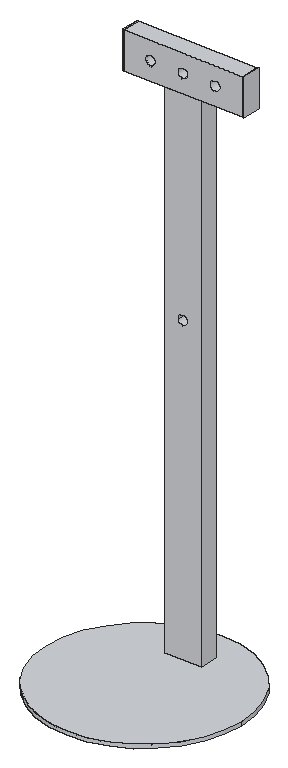
Revit family "AX9491_0010", category Modèles génériques, Revit 2016
Family settings
  Hôte = Sol
  Type d'élément = Normal
  Peut héberger une armature = Non
  Cote de connecteur circulaire = Utiliser le diamètre
  Basée sur le plan de construction = Non
  Toujours verticalement = Oui
  Couper avec des vides une fois chargée = Non
  Partagée = Non
  Point de calcul de pièce = Non
Parameters
  URL = "https://www.axeuro.com/fr/pieds-pour-distributeurs-de-savon/26118-petit-pied-pour-comptoir-ax9491-3700926008629.html"
  Type de produit / Type of product = "Pied pour distributeur / Stand for dispenser"  # constant formula
  Référence / Reference = "AX9491"  # constant formula
  Entreprise / Company = "Axeuro"  # constant formula
Reference planes
  plane 1 "Centre (avant/arrière)": y = 0
  plane 2: z = 0
  plane 3 "Centre (gauche/droite)": x = 0
Forms (mm)
  Extrusion 1, solid
    sketch origin (162.428, -49.928, 0) x (1, 0, 0) y (0, 1, 0)
      loop
        circle (-162.428, 49.928) r 80
    from 0 to 3
  Extrusion 2, solid
    sketch origin (-108.218, 55, 0) x (1, 0, 0) y (0, 0, 1)
      loop
        line (93.218, 420.247) -> (93.218, 3) -> (123.218, 3) -> (123.218, 420.247) -> (93.218, 420.247)
      loop
        circle (108.218, 253.247) r 4
    from 0 to 15
  Extrusion 3, solid
    sketch origin (-53, 55, 543.465) x (0, 0, -1) y (1, 0, 0)
      loop
        line (93.218, 101.981) -> (93.218, 4.019) -> (123.218, 4.019) -> (123.218, 101.981) -> (93.218, 101.981)
      loop
        circle (108.218, 53) r 4
      loop
        circle (108.218, 79.6) r 4
      loop
        circle (108.218, 26.4) r 4
    from 0 to 15
  Extrusion 4, solid
    sketch origin (-53, 55, 543.465) x (0, 0, -1) y (1, 0, 0)
      loop
        line (93.218, 4.019) -> (93.218, 3) -> (123.218, 3) -> (123.218, 4.019) -> (93.218, 4.019)
    from 0 to 15
  Extrusion 5, solid
    sketch origin (53, 55, 543.465) x (0, 0, -1) y (1, 0, 0)
      loop
        line (93.218, -4.019) -> (123.218, -4.019) -> (123.218, -3) -> (93.218, -3) -> (93.218, -4.019)
    from 0 to 15
Dimensions and locks
  aligned and locked: level to plane 2
